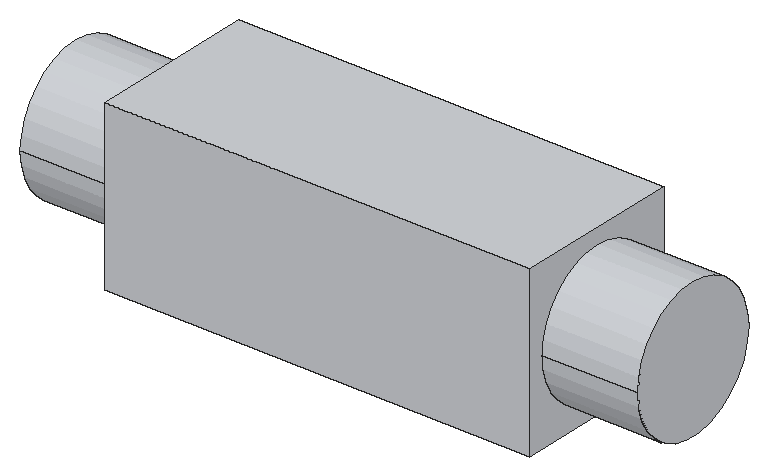
Revit family "a5f843cfb4a144de8a80faa7d5d6f2c5", category Conduit Fittings, Revit 2021
Family settings
  Round Connector Dimension = Use Radius
  Part Type = Union
  OmniClass Number = 23.80.30.17.11
  OmniClass Title = Conduits
  Work Plane-Based = No
  Always vertical = Yes
  Cut with Voids When Loaded = No
  Shared = No
Parameters (values of type "Standard")
  Total Length [instance] = size_lookup(Conduit Size Lookup, "TLgt", 3.86 * Nominal Diameter + 3 13/256", Nominal Diameter)  # 4 13/16"
  Nominal Radius [instance] = 1/4"
  Nominal Diameter [instance] = Nominal Radius * 2  # 1/2"
  Fitting Outside Radius [instance] = Fitting Outside Diameter * 0.5  # 0.54"
  Fitting Outside Diameter [instance] = size_lookup(Conduit Size Lookup, "FOD", 1.15 * Nominal Diameter + 59/128", Nominal Diameter)  # 1.08"
  Default Elevation = 0' - 0"
  Conduit Size Lookup = "Conduit Body - Type C - Aluminum"
  Conduit Length [instance] = size_lookup(Conduit Size Lookup, "CLgt", 0.17 * Nominal Diameter + 23/32", Nominal Diameter)  # 3/4"
  Conduit Body Width [instance] = size_lookup(Conduit Size Lookup, "CBW", 1.31 * Nominal Diameter + 41/64", Nominal Diameter)  # 1 5/16"
Reference planes (in)
  plane 1 "Center (Front/Back)": y = 0
  plane 2: z = 0
  plane 3 "Center (Left/Right)": x = 0
  plane 4: y = 0.65625
  plane 5: y = -0.65625
  plane 6: z = 0.65625
  plane 7: z = -0.65625
  plane 8: x = 0.75
  plane 9: x = 4.0625
  plane 10: x = 4.8125
Forms (in)
  Extrusion 1, solid
    sketch origin (0, 0, 0) x (1, 0, 0) y (0, 1, 0)
      loop
        line (0.75, 0.65625) -> (0.75, -0.65625) -> (4.0625, -0.65625) -> (4.0625, 0.65625) -> (0.75, 0.65625)
    from -0.65625 to 0.65625
  Extrusion 2, solid, detail levels fine
    sketch origin (0, 0, 0) x (0, 1, 0) y (0, 0, 1)
      loop
        circle (0, 0) r 0.54
    from 0 to 0.75
  Extrusion 3, solid, detail levels fine
    sketch origin (0, 0, 0) x (0, 1, 0) y (0, 0, 1)
      loop
        circle (0, 0) r 0.54
    from 4.0625 to 4.8125
Cuts and joins
  joined: Extrusion 2, Extrusion 3
Lines and regions (in)
  model lines, detail levels coarse+medium
    curve 1: line (0, 0, 0) -> (0.75, 0, 0)
    curve 2: line (4.0625, 0, 0) -> (4.8125, 0, 0)
Dimensions and locks (in)
  equal spacing: plane 4, plane 1 "Center (Front/Back)", plane 5
  "Conduit Body Width": plane 4 to plane 5
  equal spacing: plane 6, plane 2, plane 7
  "Conduit Body Width": plane 6 to plane 7
  "Conduit Length": plane 3 "Center (Left/Right)" to plane 8
  "Total Length": plane 3 "Center (Left/Right)" to plane 10
  "Conduit Length": plane 9 to plane 10
  "Fitting Outside Radius": radius of Extrusion 2 sketch curve
  "Fitting Outside Radius": radius of Extrusion 3 sketch curve
  aligned and locked: plane 8 to Extrusion 1 sketch curve
  aligned and locked: Extrusion 1 sketch curve to plane 9
  aligned and locked: Extrusion 1 sketch curve to plane 4
  aligned and locked: plane 5 to Extrusion 1 sketch curve
  aligned and locked: Extrusion 1 to plane 7
  aligned and locked: plane 6 to Extrusion 1
  aligned and locked: plane 2 to Extrusion 2 sketch curve
  aligned and locked: plane 1 "Center (Front/Back)" to Extrusion 2 sketch curve
  aligned and locked: Extrusion 2 to plane 3 "Center (Left/Right)"
  aligned and locked: plane 8 to Extrusion 2
  aligned and locked: plane 1 "Center (Front/Back)" to Extrusion 3 sketch curve
  aligned and locked: plane 2 to Extrusion 3 sketch curve
  aligned and locked: Extrusion 3 to plane 9
  aligned and locked: plane 10 to Extrusion 3
  aligned and locked: plane 3 "Center (Left/Right)" to curve 1
  aligned and locked: plane 8 to curve 1
  aligned and locked: plane 1 "Center (Front/Back)" to curve 1
  aligned and locked: plane 9 to curve 2
  aligned and locked: plane 10 to curve 2
  aligned and locked: plane 1 "Center (Front/Back)" to curve 2
Connectors (in)
  cabletrayconduit at (0, 0, 0), diameter 0.5, driven by "Nominal Radius"
    settings: on Extrusion 2, index 1, connector width 1' - 0", connector height 1' - 0", connector angle 0.00°, system type 32, placement type 0, profile type 0, connector reference index 2, is primary connector yes, connector utility param no, connector description ""
  cabletrayconduit at (4.8125, 0, 0), diameter 0.5, driven by "Nominal Radius"
    settings: on Extrusion 3, index 2, connector width 1' - 0", connector height 1' - 0", connector angle 0.00°, system type 32, placement type 0, profile type 0, connector reference index 1, is primary connector no, connector utility param no, connector description ""
